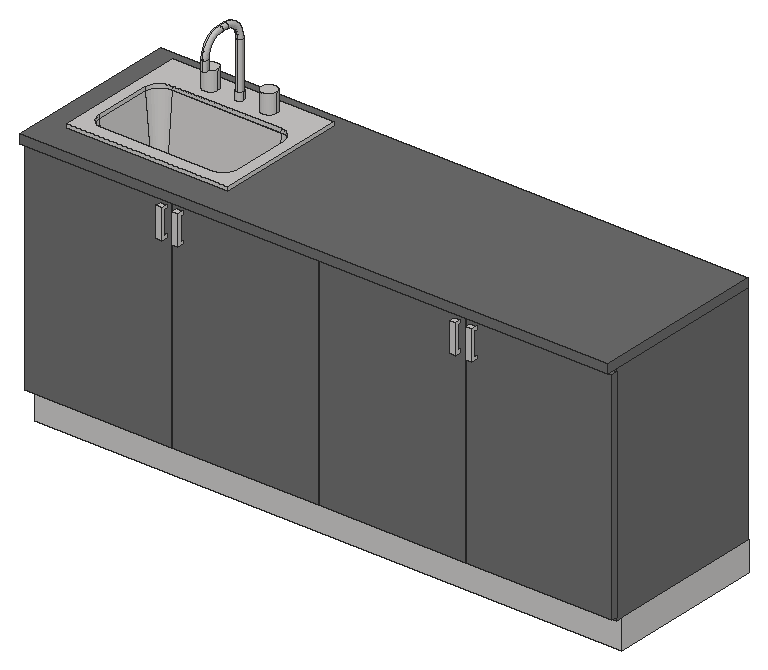
Revit family
Parameters
  Material [instance] = STONE TOP
  Joinery Material [instance] = STONE TOP
  Depth = 600 mm
  Height = 900 mm
  Width [instance] = 2000 mm
  Assembly Code = ""
Reference planes
  plane 1 "Back": y = 0
  plane 2: z = 0
  plane 3 "Center (Left/Right)": x = 44.7
  plane 4 "Front": y = -600
  plane 5 "Left": x = -955.3
  plane 6 "Right": x = 1044.7
  plane 7 "Top": z = 900
  plane 8 "H": x = -455.3
  plane 9: x = 544.7
  plane 10: x = -605.3
Forms (mm)
  Extrusion 1, solid, material "STONE TOP" <- "Material"
    sketch origin (0, 0, 0) x (1, 0, 0) y (0, 1, 0)
      loop
        line (-955.3, 0) -> (-955.3, -600) -> (1044.7, -600) -> (1044.7, 0) -> (-955.3, 0)
      loop
        line (-880.3, -45.7) -> (-880.3, -495.7) -> (-330.3, -495.7) -> (-330.3, -45.7) -> (-880.3, -45.7)
    from 870 to 900
  Extrusion 2, solid, material "STONE TOP" <- "Joinery Material"
    sketch origin (0, 0, 0) x (1, 0, 0) y (0, 1, 0)
      loop
        line (-955.3, 0) -> (-955.3, -560) -> (1044.7, -560) -> (1044.7, 0) -> (-955.3, 0)
      loop
        line (-937.3, -18) -> (-937.3, -542) -> (1026.7, -542) -> (1026.7, -18) -> (-937.3, -18)
    from 100 to 870
  Extrusion 3, solid, material "SS"
    sketch origin (0, 0, 0) x (1, 0, 0) y (0, 1, 0)
      loop
        line (-955.3, 0) -> (-955.3, -540) -> (1044.7, -540) -> (1044.7, 0) -> (-955.3, 0)
    from 0 to 100
  Extrusion 4, solid, material "STONE TOP" <- "Joinery Material"
    sketch origin (0, 0, 0) x (1, 0, 0) y (0, 1, 0)
      loop
        line (-955.3, -560) -> (-955.3, -580) -> (-455.3, -580) -> (-455.3, -560) -> (-955.3, -560)
    from 110 to 860
  Extrusion 5, solid, material "STONE TOP" <- "Joinery Material"
    sketch origin (-510.599, 0, 0) x (-1, 0, 0) y (0, -1, 0)
      loop
        line (-555.3, 560) -> (-55.3, 560) -> (-55.3, 580) -> (-555.3, 580) -> (-555.3, 560)
    from 110 to 860
  Extrusion 6, solid, material "STONE TOP" <- "Joinery Material"
    sketch origin (600, 0, 0) x (1, 0, 0) y (0, 1, 0)
      loop
        line (-555.3, -560) -> (-555.3, -580) -> (-55.3, -580) -> (-55.3, -560) -> (-555.3, -560)
    from 110 to 860
  Extrusion 7, solid, material "STONE TOP" <- "Joinery Material"
    sketch origin (89.401, 0, 0) x (-1, 0, 0) y (0, -1, 0)
      loop
        line (-955.3, 560) -> (-455.3, 560) -> (-455.3, 580) -> (-955.3, 580) -> (-955.3, 560)
    from 110 to 860
  Extrusion 8, solid, material "SS"
    sketch origin (382.2, 0, 0) x (0, 1, 0) y (0, 0, -1)
      loop
        line (-580, -845) -> (-580, -835) -> (-590, -835) -> (-590, -755) -> (-580, -755) -> (-580, -745) -> (-600, -745) -> (-600, -845) -> (-580, -845)
    from -200 to -180
  Extrusion 9, solid, material "SS"
    sketch origin (307.2, 0, 0) x (0, 1, 0) y (0, 0, 1)
      loop
        line (-580, 845) -> (-600, 845) -> (-600, 745) -> (-580, 745) -> (-580, 755) -> (-590, 755) -> (-590, 835) -> (-580, 835) -> (-580, 845)
    from 200 to 220
  Extrusion 10, solid, material "SS"
    sketch origin (-217.8, 0, 0) x (0, 1, 0) y (0, 0, -1)
      loop
        line (-580, -845) -> (-580, -835) -> (-590, -835) -> (-590, -755) -> (-580, -755) -> (-580, -745) -> (-600, -745) -> (-600, -845) -> (-580, -845)
    from 200 to 220
  Extrusion 11, solid, material "SS"
    sketch origin (-292.8, 0, 0) x (0, 1, 0) y (0, 0, 1)
      loop
        line (-580, 845) -> (-600, 845) -> (-600, 745) -> (-580, 745) -> (-580, 755) -> (-590, 755) -> (-590, 835) -> (-580, 835) -> (-580, 845)
    from -200 to -180
Lines and regions (mm)
  symbolic lines, style "CaseworkHiddenLines"
    curve 1: line (44.7, -580, 0) -> (44.7, -560, 0)
    curve 2: line (1044.7, -580, 0) -> (1044.7, -560, 0)
Dimensions and locks
  "Width": plane 6 "Right" to plane 5 "Left"
  equal spacing: plane 6 "Right", plane 3 "Center (Left/Right)", plane 5 "Left"
  "Depth": plane 4 "Front" to plane 1 "Back"
  "Height": level to plane 7 "Top"
  equal spacing: plane 5 "Left", plane 8 "H", plane 3 "Center (Left/Right)"
  equal spacing: plane 3 "Center (Left/Right)", plane 9, plane 6 "Right"
  Extrusion 11 to plane 8 "H" to Extrusion 10 = 17.5 mm locked, 17.5 mm locked
  Extrusion 9 to Extrusion 7 to Extrusion 8 = 17.5 mm locked, 17.5 mm locked
  locked: Extrusion 11 to Extrusion 11 at 20
  locked: Extrusion 10 to Extrusion 10 at 20
  locked: Extrusion 9 to Extrusion 9 at 20
  locked: Extrusion 8 to Extrusion 8 at 20
  Extrusion 2 to Extrusion 1 sketch curve to Extrusion 1 sketch curve = 75 mm, 550 mm
  locked: plane 5 "Left" to plane 10 at 350
  aligned: Extrusion 1 to plane 1 "Back"
  aligned: Extrusion 1 to plane 5 "Left"
  aligned: Extrusion 1 to plane 4 "Front"
  aligned: plane 6 "Right" to Extrusion 1
  aligned and locked: Extrusion 4 to plane 5 "Left"
  aligned and locked: Extrusion 4 to plane 8 "H"
  aligned and locked: plane 8 "H" to Extrusion 5
  aligned and locked: plane 3 "Center (Left/Right)" to Extrusion 5
  aligned and locked: Extrusion 6 to plane 3 "Center (Left/Right)"
  aligned and locked: plane 9 to Extrusion 6
  aligned and locked: Extrusion 7 to plane 9
  aligned and locked: plane 6 "Right" to Extrusion 7
  aligned and locked: plane 6 "Right" to curve 2
  aligned and locked: plane 3 "Center (Left/Right)" to curve 1
  aligned: Extrusion 1 to nested 1  (x3)
  aligned: nested 1 to plane 8 "H"
  aligned and locked: nested 1 to plane 10
  aligned and locked: Extrusion 1 to nested 1  (x2)
Automatic sketch dimensions
  Extrusion 2 sketch curve to plane 1 "Back" = 0 mm
  Extrusion 2 sketch curve to plane 4 "Front" = 40 mm
  Extrusion 3 sketch curve to plane 5 "Left" = 0 mm
  Extrusion 3 sketch curve to plane 6 "Right" = 0 mm
  Extrusion 3 sketch curve to plane 1 "Back" = 0 mm
  Extrusion 3 sketch curve to plane 4 "Front" = 60 mm
  Extrusion 4 sketch curve to plane 5 "Left" = 0 mm
  Extrusion 4 sketch curve to plane 8 "H" = 0 mm
  Extrusion 4 sketch curve to plane 4 "Front" = 20 mm
  Extrusion 4 sketch curve to Extrusion 4 sketch curve = 20 mm
  Extrusion 5 sketch curve to plane 3 "Center (Left/Right)" = 0 mm
  Extrusion 5 sketch curve to plane 8 "H" = 0 mm
  plane 4 "Front" to Extrusion 5 sketch curve = 20 mm
  Extrusion 5 sketch curve to Extrusion 5 sketch curve = 20 mm
  Extrusion 6 sketch curve to plane 3 "Center (Left/Right)" = 0 mm
  Extrusion 6 sketch curve to plane 9 = 0 mm
  Extrusion 6 sketch curve to plane 4 "Front" = 20 mm
  Extrusion 6 sketch curve to Extrusion 6 sketch curve = 20 mm
  Extrusion 7 sketch curve to plane 6 "Right" = 0 mm
  Extrusion 7 sketch curve to plane 9 = 0 mm
  plane 4 "Front" to Extrusion 7 sketch curve = 20 mm
  Extrusion 7 sketch curve to Extrusion 7 sketch curve = 20 mm
  Extrusion 8 sketch curve to plane 4 "Front" = 0 mm
  Extrusion 8 sketch curve to plane 4 "Front" = 10 mm
  Extrusion 8 sketch curve to Extrusion 8 sketch curve = 10 mm  (x4)
  plane 7 "Top" to Extrusion 8 sketch curve = 55 mm
  Extrusion 8 sketch curve to Extrusion 8 sketch curve = 80 mm
  Extrusion 9 sketch curve to plane 4 "Front" = 0 mm
  Extrusion 9 sketch curve to plane 4 "Front" = 10 mm
  Extrusion 9 sketch curve to Extrusion 9 sketch curve = 10 mm  (x4)
  plane 7 "Top" to Extrusion 9 sketch curve = 155 mm
  plane 7 "Top" to Extrusion 9 sketch curve = 65 mm
  Extrusion 10 sketch curve to plane 4 "Front" = 0 mm
  Extrusion 10 sketch curve to plane 4 "Front" = 10 mm
  Extrusion 10 sketch curve to Extrusion 10 sketch curve = 10 mm  (x4)
  plane 7 "Top" to Extrusion 10 sketch curve = 55 mm
  Extrusion 10 sketch curve to Extrusion 10 sketch curve = 80 mm
  Extrusion 11 sketch curve to plane 4 "Front" = 0 mm
  Extrusion 11 sketch curve to plane 4 "Front" = 10 mm
  Extrusion 11 sketch curve to Extrusion 11 sketch curve = 10 mm  (x4)
  plane 7 "Top" to Extrusion 11 sketch curve = 155 mm
  plane 7 "Top" to Extrusion 11 sketch curve = 65 mm
  curve 1 to plane 4 "Front" = 20 mm
  Extrusion 1 sketch curve to plane 4 "Front" = 0 mm
  Extrusion 1 sketch curve to plane 5 "Left" = 0 mm
  Extrusion 1 sketch curve to plane 1 "Back" = 0 mm
  Extrusion 1 sketch curve to plane 6 "Right" = 0 mm
  plane 1 "Back" to Extrusion 1 sketch curve = 45.7 mm
  Extrusion 1 sketch curve to plane 4 "Front" = 104.3 mm
  plane 5 "Left" to Extrusion 2 sketch curve = 18 mm
  plane 1 "Back" to Extrusion 2 sketch curve = 18 mm
  Extrusion 2 sketch curve to plane 6 "Right" = 18 mm
  Extrusion 2 sketch curve to Extrusion 2 sketch curve = 18 mm
  Extrusion 2 sketch curve to plane 5 "Left" = 0 mm
  Extrusion 2 sketch curve to plane 6 "Right" = 0 mm
  curve 1 to curve 1 = 20 mm
  curve 2 to plane 4 "Front" = 20 mm
  curve 2 to curve 2 = 20 mm
Nested families
  nested 1: "M_Sink Kitchen-Island" at (-620.989, -273.045, 0), type "450 x 450mm"
    with Counter Height 900 mm, Width 550 mm
Definition of nested family "M_Sink Kitchen-Island"
  Parameters (values of type "450 x 450mm")
    Counter Height [instance] = 900 mm
    Depth = 450 mm
    Fixture Material = Metal - Steel, Polished
    Sink Material = Metal - Steel, Polished
    Width = 450 mm
  Reference planes
    plane 1 "Center (Front/Back)": y = 2.345
    plane 2: z = 0
    plane 3 "Center (Left/Right)": x = 15.689
    plane 4: y = 227.345
    plane 5: y = -222.655
    plane 6: x = -209.311
    plane 7: x = 240.689
    plane 8 "Top Of Counter": z = 900
    plane 9: z = 912.7
    plane 10: z = 684.1
    plane 11: y = 113.045
    plane 12: x = -171.211
    plane 13: y = -184.555
    plane 14: x = 202.589
    plane 15: x = -84.311
    plane 16: x = 115.689
    plane 17: y = 170.195
    plane 18: y = 170.195
    plane 19: y = 170.195
    plane 20: z = 1163.525
    plane 21: y = 20.97
    plane 22: z = 976.2
    plane 23: z = 938.1
  Forms (mm)
    Extrusion 1, solid, material "Metal - Steel, Polished" <- "Sink Material"
      sketch origin (0, 0, 0) x (1, 0, 0) y (0, 1, 0)
        loop
          line (-209.311, 227.345) -> (-209.311, -222.655) -> (240.689, -222.655) -> (240.689, 227.345) -> (-209.311, 227.345)
        loop
          arc (-120.411, 113.045) -> (-156.332, 98.166) -> (-171.211, 62.245) r 50.8
          line (-171.211, 62.245) -> (-171.211, -133.755)
          arc (-171.211, -133.755) -> (-156.332, -169.676) -> (-120.411, -184.555) r 50.8
          line (-120.411, -184.555) -> (151.789, -184.555)
          arc (151.789, -184.555) -> (187.71, -169.676) -> (202.589, -133.755) r 50.8
          line (202.589, -133.755) -> (202.589, 62.245)
          arc (202.589, 62.245) -> (187.71, 98.166) -> (151.789, 113.045) r 50.8
          line (151.789, 113.045) -> (-120.411, 113.045)
      from 900 to 912.7
    Sweep 2, solid, material "Metal - Steel, Polished" <- "Sink Material"
      path origin (0, 0, 0) x (1, 0, 0) y (0, 1, 0)
        loop
          arc (-120.411, 113.045) -> (-156.332, 98.166) -> (-171.211, 62.245) r 50.8
          line (-171.211, 62.245) -> (-171.211, -133.755)
          arc (-171.211, -133.755) -> (-156.332, -169.676) -> (-120.411, -184.555) r 50.8
          line (-120.411, -184.555) -> (151.789, -184.555)
          arc (151.789, -184.555) -> (187.71, -169.676) -> (202.589, -133.755) r 50.8
          line (202.589, -133.755) -> (202.589, 62.245)
          arc (202.589, 62.245) -> (187.71, 98.166) -> (151.789, 113.045) r 50.8
          line (151.789, 113.045) -> (-120.411, 113.045)
      profile origin (15.689, 0, 0) x (0, 1, 0) y (0, 0, 1)
        loop
          line (113.045, 900) -> (96.511, 711.015)
          arc (96.511, 711.015) -> (90.404, 698.63) -> (77.534, 693.625) r 19.05
          line (77.534, 693.625) -> (74.945, 693.625) -> (74.945, 684.1) -> (119.395, 684.1) -> (119.395, 900) -> (113.045, 900)
    Extrusion 3, solid, material "Metal - Steel, Polished" <- "Sink Material"
      sketch origin (0, 0, 0) x (1, 0, 0) y (0, 1, 0)
        loop
          arc (-120.411, 74.945) -> (-129.391, 71.226) -> (-133.111, 62.245) r 12.7
          line (-133.111, 62.245) -> (-133.111, -133.755)
          arc (-133.111, -133.755) -> (-129.391, -142.735) -> (-120.411, -146.455) r 12.7
          line (-120.411, -146.455) -> (151.789, -146.455)
          arc (151.789, -146.455) -> (160.769, -142.735) -> (164.489, -133.755) r 12.7
          line (164.489, -133.755) -> (164.489, 62.245)
          arc (164.489, 62.245) -> (160.769, 71.226) -> (151.789, 74.945) r 12.7
          line (151.789, 74.945) -> (-120.411, 74.945)
        loop
          circle (15.689, 0) r 25.4
      from 684.1 to 693.625
    Extrusion 4, solid, material "Metal - Steel, Polished" <- "Fixture Material"
      sketch origin (0, 0, 0) x (1, 0, 0) y (0, 1, 0)
        loop
          circle (-84.311, 170.195) r 25.4
        loop
          circle (115.689, 170.195) r 25.4
      from 912.7 to 976.2
    Sweep 5, solid, material "Metal - Steel, Polished" <- "Fixture Material"
      path origin (15.689, 0, 0) x (0, 1, 0) y (0, 0, 1)
        loop
          line (170.195, 912.7) -> (170.195, 1100.025)
          arc (170.195, 1100.025) -> (151.597, 1144.926) -> (106.695, 1163.525) r 63.5
          line (106.695, 1163.525) -> (84.47, 1163.525)
          arc (84.47, 1163.525) -> (39.569, 1144.926) -> (20.97, 1100.025) r 63.5
          line (20.97, 1100.025) -> (20.97, 1065.1)
      profile origin (15.689, 0, 1006.363) x (0, -1, 0) y (1, 0, 0)
        loop
          circle (-170.195, 0) r 9.525
    Extrusion 6, solid, material "Metal - Steel, Polished" <- "Fixture Material"
      sketch origin (0, 0, 0) x (1, 0, 0) y (0, 1, 0)
        loop
          circle (15.689, 170.195) r 12.7
      from 912.7 to 938.1
  Cuts and joins
    joined: Sweep 5, Extrusion 6
    joined: Sweep 2, Extrusion 3
  Lines and regions (mm)
    Masking region 1
      outline origin (0, 0, 900) x (0, -1, 0) y (1, 0, 0)
        loop
          line (-227.345, -209.311) -> (222.655, -209.311) -> (222.655, 240.689) -> (-227.345, 240.689) -> (-227.345, -209.311)
    symbolic lines
      curve 1: arc (41.089, 0, 900) -> (15.689, 25.4, 900) -> (-9.711, 0, 900) r 25.4
      curve 2: arc (-9.711, 0, 900) -> (15.689, -25.4, 900) -> (41.089, 0, 900) r 25.4
      curve 3: line (-171.211, 62.245, 900) -> (-171.211, -133.755, 900)
      curve 4: line (-120.411, -184.555, 900) -> (151.789, -184.555, 900)
      curve 5: line (202.589, -133.755, 900) -> (202.589, 62.245, 900)
      curve 6: line (151.789, 113.045, 900) -> (28.389, 113.045, 900)
      curve 7: arc (202.589, 62.245, 900) -> (187.71, 98.166, 900) -> (151.789, 113.045, 900) r 50.8
      curve 8: arc (151.789, -184.555, 900) -> (187.71, -169.676, 900) -> (202.589, -133.755, 900) r 50.8
      curve 9: arc (-171.211, -133.755, 900) -> (-156.332, -169.676, 900) -> (-120.411, -184.555, 900) r 50.8
      curve 10: arc (-120.411, 113.045, 900) -> (-156.332, 98.166, 900) -> (-171.211, 62.245, 900) r 50.8
      curve 11: arc (142.689, 172.313, 900) -> (117.289, 197.713, 900) -> (91.889, 172.313, 900) r 25.4
      curve 12: arc (91.889, 172.313, 900) -> (117.289, 146.913, 900) -> (142.689, 172.313, 900) r 25.4
      curve 13: arc (28.389, 170.195, 900) -> (15.689, 182.895, 900) -> (2.989, 170.195, 900) r 12.7
      curve 14: line (2.989, 170.195, 900) -> (2.989, 53.145, 900)
      curve 15: line (28.389, 170.195, 900) -> (28.389, 53.145, 900)
      curve 16: arc (28.389, 53.145, 900) -> (15.689, 40.445, 900) -> (2.989, 53.145, 900) r 12.7
      curve 17: line (2.989, 113.045, 900) -> (-120.411, 113.045, 900)
      curve 18: arc (-58.911, 170.195, 900) -> (-84.311, 195.595, 900) -> (-109.711, 170.195, 900) r 25.4
      curve 19: arc (-109.711, 170.195, 900) -> (-84.311, 144.795, 900) -> (-58.911, 170.195, 900) r 25.4
  Dimensions and locks
    equal spacing: plane 6, plane 3 "Center (Left/Right)", plane 7
    "Width": plane 6 to plane 7
    equal spacing: plane 5, plane 1 "Center (Front/Back)", plane 4
    "Depth": plane 5 to plane 4
    "Counter Height": plane 8 "Top Of Counter" to plane 2
    locked: plane 9 to plane 8 "Top Of Counter" at 12.7
    locked: plane 8 "Top Of Counter" to plane 10 at 215.9
    locked: plane 6 to plane 12 at 38.1
    locked: plane 14 to plane 7 at 38.1
    locked: plane 11 to plane 4 at 114.3
    locked: plane 5 to plane 13 at 38.1
    equal spacing: plane 11, plane 17, plane 4
    equal spacing: plane 11, plane 18, plane 4
    equal spacing: plane 4, plane 19, plane 11
    locked: plane 19 to plane 21 at 149.225
    locked: plane 20 to plane 9 at 250.825
    locked: plane 22 to plane 9 at 63.5
    locked: plane 23 to plane 9 at 25.4
    plane 15 to plane 3 "Center (Left/Right)" to plane 16 = 100 mm locked, 100 mm locked
    aligned and locked: Extrusion 1 sketch curve to plane 5
    aligned and locked: plane 7 to Extrusion 1 sketch curve
    aligned and locked: plane 4 to Extrusion 1 sketch curve
    aligned and locked: Extrusion 1 sketch curve to plane 6
    aligned and locked: plane 8 "Top Of Counter" to Extrusion 1
    aligned and locked: Extrusion 1 to plane 9
    aligned and locked: plane 11 to Extrusion 1 sketch curve
    aligned and locked: plane 14 to Extrusion 1 sketch curve
    aligned and locked: Extrusion 1 sketch curve to plane 12
    aligned and locked: Extrusion 1 sketch curve to plane 13
    aligned and locked: plane 11 to Sweep 2 sketch curve
    aligned and locked: plane 14 to Sweep 2 sketch curve
    aligned and locked: Sweep 2 sketch curve to plane 12
    aligned and locked: Sweep 2 sketch curve to plane 13
    aligned and locked: Sweep 2 to Extrusion 3 sketch curve  (x4)
    aligned and locked: Sweep 2 to Extrusion 3
    aligned and locked: plane 10 to Extrusion 3
    aligned and locked: Sweep 2 sketch curve to plane 10
    aligned and locked: plane 8 "Top Of Counter" to Sweep 2 sketch curve
    aligned and locked: Extrusion 4 to Extrusion 1
    aligned and locked: Extrusion 6 to Extrusion 1
    aligned and locked: Sweep 5 sketch curve to plane 19
    aligned and locked: plane 20 to Sweep 5 sketch curve
    aligned and locked: plane 21 to Sweep 5 sketch curve
    aligned and locked: Extrusion 4 to plane 22
    aligned and locked: Extrusion 6 to plane 23
    aligned and locked: plane 7 to Masking region 1 sketch curve
    aligned and locked: Masking region 1 sketch curve to plane 5
    aligned and locked: Masking region 1 sketch curve to plane 6
    aligned and locked: plane 4 to Masking region 1 sketch curve
    aligned and locked: curve 18 to Extrusion 4
    aligned and locked: plane 16 to Extrusion 4 sketch curve
    aligned and locked: plane 17 to Extrusion 4 sketch curve  (x2)
    aligned and locked: plane 15 to Extrusion 4 sketch curve
  Automatic sketch dimensions
    Sweep 2 sketch curve to plane 12 = 50.8 mm
    Sweep 2 sketch curve to Sweep 2 sketch curve = 50.8 mm
    plane 11 to Sweep 2 sketch curve = 50.8 mm
    plane 14 to Sweep 2 sketch curve = 50.8 mm
    Extrusion 1 sketch curve to plane 12 = 50.8 mm  (x2)
    plane 14 to Extrusion 1 sketch curve = 50.8 mm  (x2)
    Extrusion 3 sketch curve to plane 3 "Center (Left/Right)" = 0 mm
    Extrusion 3 sketch curve to Extrusion 3 sketch curve = 12.7 mm  (x4)
    plane 1 "Center (Front/Back)" to Extrusion 3 sketch curve = 2.345 mm
    Extrusion 3 sketch curve to plane 3 "Center (Left/Right)" = 25.4 mm
    Sweep 2 sketch curve to profile plane = 0 mm
    profile plane to Sweep 2 sketch curve = 16.534 mm
    Sweep 2 sketch curve to Sweep 2 sketch curve = 18.978 mm
    Sweep 2 sketch curve to Sweep 2 sketch curve = 2.588 mm
    Sweep 2 sketch curve to profile plane = 6.35 mm
    Sweep 2 sketch curve to Sweep 2 sketch curve = 9.525 mm
    Sweep 2 sketch curve to Sweep 2 sketch curve = 17.39 mm
    plane 15 to Extrusion 4 sketch curve = 25.4 mm
    plane 16 to Extrusion 4 sketch curve = 25.4 mm
    Sweep 5 sketch curve to plane 3 "Center (Left/Right)" = 0 mm
    Sweep 5 sketch curve to profile plane = 0 mm
    profile plane to Sweep 5 sketch curve = 9.525 mm
    Extrusion 6 sketch curve to plane 18 = 0 mm
    Extrusion 6 sketch curve to plane 3 "Center (Left/Right)" = 0 mm
    Extrusion 6 sketch curve to plane 3 "Center (Left/Right)" = 12.7 mm
    Sweep 5 sketch curve to plane 9 = 0 mm
    Sweep 5 sketch curve to Sweep 5 sketch curve = 63.5 mm
    plane 11 to Sweep 5 sketch curve = 6.35 mm
    Sweep 5 sketch curve to Sweep 5 sketch curve = 34.925 mm
    curve 17 to plane 11 = 0 mm
    curve 6 to plane 11 = 0 mm
    curve 5 to plane 14 = 0 mm
    curve 3 to plane 12 = 0 mm
    curve 16 to plane 3 "Center (Left/Right)" = 0 mm
    curve 2 to plane 3 "Center (Left/Right)" = 0 mm
    curve 4 to plane 13 = 0 mm
    plane 4 to curve 13 = 57.15 mm
    plane 4 to curve 11 = 55.032 mm
    plane 11 to curve 7 = 50.8 mm
    plane 11 to curve 10 = 50.8 mm
    curve 15 to plane 1 "Center (Front/Back)" = 50.8 mm
    curve 16 to plane 3 "Center (Left/Right)" = 12.7 mm
    plane 1 "Center (Front/Back)" to curve 1 = 2.345 mm
    curve 3 to plane 13 = 50.8 mm
    curve 8 to plane 13 = 50.8 mm
    curve 2 to plane 3 "Center (Left/Right)" = 25.4 mm
    curve 13 to curve 12 = 63.5 mm
    curve 11 to curve 12 = 25.4 mm
